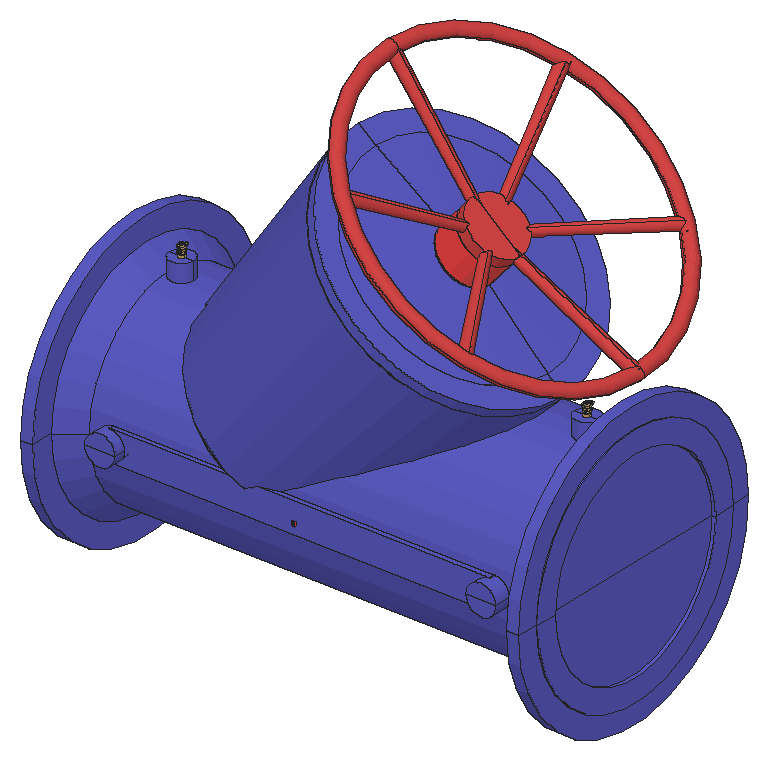
Revit family "Strangregulierventil für Differenzdruckmessung, Schrägsitzform 4218 GF PN16", category Rohrzubehör, Revit 2020
Family settings
  Bemaßung runder Anschluss = Durchmesser verwenden
  Teiletyp = Unterbricht
  OmniClass-Nummer = 23.65.55.14
  OmniClass-Titel = Valves for Liquid Services
  Arbeitsebenenbasiert = Nein
  Immer vertikal = Ja
  Beim Laden mit Abzugskörper schneiden = Nein
  Gemeinsam genutzt = Nein
Parameters
  kvs-Wert [instance] = if(Nennweite = 350.00 mm, 2917.6, if(Nennweite = 400.00 mm, 3854.8, if(Nennweite = 500.00 mm, 5250.6, 0)))  # 5250.6
  Zählvorrichtung = "Kunststoffmaterial"  # constant formula
  W02 = 60.00°  # constant formula
  W01 = 50.00°  # constant formula
  Vorgabe-Ansicht = 0.00 mm
  Ventilkegel = "Sphäroguss EN-GJS-400-15 gem. EN 1561/EPDM beschichtet"  # constant formula
  S01 [instance] = Nennweite + 10.00 mm  # 510.00 mm
  Regulierspindel = "Edelstahl"  # constant formula
  Oberteil = "Sphäroguss EN-GJS-400-15"  # constant formula
  O-Ringe = "EPDM"  # constant formula
  L04 [instance] = size_lookup("4218_GF_16_", "L4", 1.00 mm, Nennweite)  # 255.00 mm
  H11 = 85.00 mm  # constant formula
  H10 [instance] = H07 + H03  # 720.30 mm
  H08 = 47.00 mm  # constant formula
  H07 = 50.00 mm  # constant formula
  H06 = 27.00 mm  # constant formula
  H05 [instance] = H04 + 25.00 mm  # 605.00 mm
  H04 [instance] = size_lookup("4218_GF_16_", "H4", 1.00 mm, Nennweite)  # 580.00 mm
  H03 [instance] = size_lookup("4218_GF_16_", "H3", 1.00 mm, Nennweite)  # 670.30 mm
  Gewicht [instance] = if(Nennweite = 350.00 mm, "536.0 kg", if(Nennweite = 400.00 mm, "547.0 kg", if(Nennweite = 500.00 mm, "968.0 kg", "0")))  # "968.0 kg"
  Gehäuse = "Sphäroguss EN-GJS-400-15"  # constant formula
  URL = "www.herz-armaturen.at"
  SCRNSEQ = "ARM;ARM_TYP=\"STRV\";2"
  SCRNCODE = "05;07;02"  # constant formula
  R02 [instance] = size_lookup("4218_GF_16_", "R2", 1.00 mm, Nennweite)  # 30.00 mm
  R01 [instance] = size_lookup("4218_GF_16_", "R1", 1.00 mm, Nennweite)  # 37.50 mm
  Spindel = "Edelstahl"  # constant formula
  Nennweite [instance] = 500.00 mm
  Medium = "Heizwasserqualität entsprechend ÖNORM H 5195 bzw. VDI Richtlinie 2035.\r\nEthylen und Propylenglykol können in einem Verhältnis von 25-50 vol. [%] gemischt werden."
  Max. Betriebstemperatur = 110 °C  # constant formula
  Min. Betriebstemperatur = -10 °C  # constant formula
  Max. Betriebsdruck = 1600000.0 Pa  # constant formula
  L03 [instance] = size_lookup("4218_GF_16_", "L3", 1.00 mm, Nennweite)  # 505.00 mm
  L02 [instance] = size_lookup("4218_GF_16_", "L2", 1.00 mm, Nennweite)  # 475.00 mm
  L01 [instance] = size_lookup("4218_GF_16_", "L1", 1.00 mm, Nennweite)  # 533.50 mm
  L00 [instance] = size_lookup("4218_GF_16_", "L", 1.00 mm, Nennweite)  # 1250.00 mm
  Hersteller = "HERZ Armaturen Ges.m.b.H."  # constant formula
  H09 [instance] = H03  # 670.30 mm
  H02 [instance] = size_lookup("4218_GF_16_", "H2", 1.00 mm, Nennweite)  # 295.00 mm
  H01 [instance] = size_lookup("4218_GF_16_", "H1", 1.00 mm, Nennweite)  # 292.00 mm
  GT = 10.00 mm  # constant formula
  FLL02 [instance] = size_lookup("4218_GF_16_", "FLL2", 1.00 mm, Nennweite)  # 30.00 mm
  FLL01 [instance] = size_lookup("4218_GF_16_", "FLL1", 1.00 mm, Nennweite)  # 4.00 mm
  FLD03 [instance] = size_lookup("4218_GF_16_", "FLD3", 1.00 mm, Nennweite)  # 254.00 mm
  FLD02 [instance] = size_lookup("4218_GF_16_", "FLD2", 1.00 mm, Nennweite)  # 300.00 mm
  FLD01 [instance] = size_lookup("4218_GF_16_", "FLD1", 1.00 mm, Nennweite)  # 305.00 mm
  FLD00 [instance] = size_lookup("4218_GF_16_", "FLD", 1.00 mm, Nennweite)  # 357.50 mm
  Differenzdruckmessung = "Das STRÖMAX GF Strangregulierventil ist mit zwei Messventilen ausgestattet:\r\nSo ist es möglich, den Differenzdruck mit geeigneten Messgeräten zu messen und die Durchflussmenge entsprechend zu bestimmen."
  DN500 [instance] = Nennweite = 500.00 mm  # yes
  DN400 [instance] = Nennweite = 400.00 mm  # no
  DN350 [instance] = Nennweite = 350.00 mm  # no
  D05 = 75.00 mm  # constant formula
  D04 [instance] = size_lookup("4218_GF_16_", "D4", 1.00 mm, Nennweite)  # 54.00 mm
  D03 [instance] = size_lookup("4218_GF_16_", "D3", 1.00 mm, Nennweite)  # 275.00 mm
  D02 [instance] = D03 - 20.00 mm  # 255.00 mm
  D01 [instance] = size_lookup("4218_GF_16_", "D1", 1.00 mm, Nennweite)  # 334.00 mm
  D00 [instance] = size_lookup("4218_GF_16_", "D", 1.00 mm, Nennweite)  # 278.00 mm
  Bestellnummer [instance] = size_lookup("4218_GF_16_", "Artnr", 0, Nennweite)  # 1421892
  BH02 [instance] = -BH01  # -37.50 mm
  BH01 [instance] = size_lookup("4218_GF_16_", "BH1", 1.00 mm, Nennweite)  # 37.50 mm
  Ausführung = "STRÖMAX-GF-Strangregulierventil mit Messventilen, DN 350-500, Gehäuse Sphäroguss GJS 400-15 gem EN 1561, Flansch gem. EN 1092, PN 16, blaue Emaillierung.\r\nVentiloberteil Sphäroguss GJS 400-15, mit nicht steigen\u0002der Spindel, Spindelabdichtung mittels Dreifach-O-Ring.\r\nVoreinstellschritte werden digital angezeigt."
  Anwendungen = "Zum hydraulischen Abgleich in Heiz- oder Kühlsystemen zum Trennen von Sammelleitungen, Steigleitungen, Wärmetauschern, Heiz- und Kühlregistern."
  Anschluss [instance] = Nennweite / 2  # 250.00 mm
Reference planes
  plane 1 "Mitte (Vorne/hinten)": y = 0
  plane 2: z = 0
  plane 3 "Mitte (Links/rechts)": x = 0
Forms (mm)
  Revolve 1, solid, material "Herz-Marineblau", detail levels fine
    sketch origin (1058.943, 0, 0) x (1, 0, 0) y (0, 1, 0)
      loop
        line (-1679.943, 357.5) -> (-1679.943, 305) -> (-1683.943, 305) -> (-1683.943, 250) -> (-1673.943, 250) -> (-1673.943, 0) -> (-443.943, 0) -> (-443.943, 250) -> (-433.943, 250) -> (-433.943, 305) -> (-437.943, 305) -> (-437.943, 357.5) -> (-467.943, 357.5) -> (-467.943, 300) -> (-525.443, 254)
        arc (-525.443, 254) -> (-1058.943, 278) -> (-1592.443, 254) r 5941.63
        line (-1592.443, 254) -> (-1649.943, 300) -> (-1649.943, 357.5) -> (-1679.943, 357.5)
      axis (-1683.943, 0) -> (-433.943, 0)
    angle from 0 to 360
  Revolve 2, solid, material "Herz-Marineblau", detail levels fine
    sketch origin (0, 0, 0) x (1, 0, 0) y (0, 1, 0)
      loop
        line (-475, 292) -> (-512.5, 292) -> (-512.5, -292) -> (-475, -292) -> (-475, 292)
      axis (-475, 292) -> (-475, -292)
    angle from 0 to 360
  Revolve 3, solid, material "Herz-Marineblau", detail levels fine
    sketch origin (0, 0, 0) x (-1, 0, 0) y (0, 1, 0)
      loop
        line (-475, 292) -> (-512.5, 292) -> (-512.5, -292) -> (-475, -292) -> (-475, 292)
      axis (-475, 292) -> (-475, -292)
    angle from 0 to 360
  Revolve 4, solid, material "Herz-Marineblau", detail levels fine
    sketch origin (0, 0, 0) x (1, 0, 0) y (0, 0, 1)
      loop
        line (-505, 0) -> (-505, 295) -> (-535, 295) -> (-535, 0) -> (-505, 0)
      axis (-505, 295) -> (-505, 0)
    angle from 0 to 360
  Revolve 5, solid, material "Herz-Marineblau", detail levels fine
    sketch origin (0, 0, 0) x (-1, 0, 0) y (0, 0, 1)
      loop
        line (-505, 0) -> (-505, 295) -> (-535, 295) -> (-535, 0) -> (-505, 0)
      axis (-505, 295) -> (-505, 0)
    angle from 0 to 360
  Extrusion 6, solid, material "Herz-Marineblau", visible <- "DN500", detail levels fine
    sketch origin (0, 0, 0) x (1, 0, 0) y (0, 1, 0)
      loop
        arc (-475, -263.998) -> (0, -282.994) -> (475, -263.998) r 5948.094
        line (475, -263.998) -> (475, 263.998)
        arc (475, 263.998) -> (0, 282.994) -> (-475, 263.998) r 5948.094
        line (-475, 263.998) -> (-475, -263.998)
    from -37.5 <- "BH02" to 37.5 <- "BH01"
  Extrusion 7, solid, material "Herz-Marineblau", visible <- "DN400", detail levels fine
    sketch origin (0, 0, 0) x (1, 0, 0) y (0, 1, 0)
      loop
        arc (-410, -209.712) -> (0, -223.005) -> (410, -209.712) r 6329.849
        line (410, -209.712) -> (410, 209.712)
        arc (410, 209.712) -> (0, 223.005) -> (-410, 209.712) r 6329.849
        line (-410, 209.712) -> (-410, -209.712)
    from -37.5 <- "BH02" to 37.5 <- "BH01"
  Extrusion 8, solid, material "Herz-Marineblau", visible <- "DN350", detail levels fine
    sketch origin (0, 0, 0) x (1, 0, 0) y (0, 1, 0)
      loop
        arc (-390, -185.916) -> (0, -255.071) -> (390, -185.916) r 1134.286
        line (390, -185.916) -> (390, 185.916)
        arc (390, 185.916) -> (0, 255.071) -> (-390, 185.916) r 1134.286
        line (-390, 185.916) -> (-390, -185.916)
    from -37.5 <- "BH02" to 37.5 <- "BH01"
  Revolve 9, solid, material "Herz-Marineblau", detail levels fine
    sketch origin (0, 0, 0) x (1, 0, 0) y (0, 0, 1)
      loop
        line (-255, 0) -> (175.861, 513.48) -> (-79.998, 728.171) -> (-407.619, 245.94) -> (-408.367, 213.934) -> (-255, 0)
      axis (-255, 0) -> (175.861, 513.48)
    angle from 0 to 360
  Revolve 10, solid, material "Herz-Marineblau", detail levels fine
    sketch origin (0, 0, 0) x (1, 0, 0) y (0, 0, 1)
      loop
        line (175.861, 513.48) -> (208, 551.782) -> (150.547, 599.991) -> (148.618, 597.693)
        arc (148.618, 597.693) -> (66.389, 659.883) -> (-21.277, 714.143) r 1105.603
        line (-21.277, 714.143) -> (-62.643, 748.854) -> (-79.998, 728.171) -> (175.861, 513.48)
      axis (208, 551.782) -> (175.861, 513.48)
    angle from 0 to 360
  Revolve 11, solid, material "Kunsstoff rot", detail levels fine
    sketch origin (0, 0, 0) x (1, 0, 0) y (0, 0, 1)
      loop
        line (208, 551.782) -> (262.637, 616.896) -> (205.184, 665.105) -> (150.547, 599.991) -> (208, 551.782)
      axis (262.637, 616.896) -> (208, 551.782)
    angle from 0 to 360
Lines and regions (mm)
  model lines, detail levels coarse+medium
    curve 1: line (-625, 0, 357.5) -> (-625, 0, -357.5)
    curve 2: line (-625, 0, -357.5) -> (625, 0, 357.5)
    curve 3: line (625, 0, 357.5) -> (625, 0, -357.5)
    curve 4: line (625, 0, -357.5) -> (-625, 0, 357.5)
    curve 5: line (0, 0, 0) -> (386.998, 0, 670.3)
    curve 6: line (166.161, 0, 797.8) -> (607.834, 0, 542.8)
    curve 7: line (-625, 357.5, 0) -> (-625, -357.5, 0)
    curve 8: line (-625, -357.5, 0) -> (625, 357.5, 0)
    curve 9: line (625, 357.5, 0) -> (625, -357.5, 0)
    curve 10: line (625, -357.5, 0) -> (-625, 357.5, 0)
    curve 11: line (0, 0, 0) -> (386.998, 670.3, 0)
    curve 12: line (166.161, 797.8, 0) -> (607.834, 542.8, 0)
Dimensions and locks
  "FLD00": plane 1 "Mitte (Vorne/hinten)" to Revolve 1 sketch curve
  "FLD01": plane 1 "Mitte (Vorne/hinten)" to Revolve 1 sketch curve
  "FLD02": plane 1 "Mitte (Vorne/hinten)" to Revolve 1 sketch curve  (x2)
  "FLD03": plane 1 "Mitte (Vorne/hinten)" to Revolve 1 sketch curve  (x2)
  "GT": Revolve 1 sketch curve to Revolve 1 sketch curve  (x2)
  "FLL01": Revolve 1 sketch curve to Revolve 1 sketch curve  (x2)
  "FLL02": Revolve 1 sketch curve to Revolve 1 sketch curve  (x2)
  equal spacing: Revolve 1 sketch curve, plane 3 "Mitte (Links/rechts)", Revolve 1 sketch curve
  "Anschluss": Revolve 1 sketch curve to plane 1 "Mitte (Vorne/hinten)"
  "Anschluss": plane 1 "Mitte (Vorne/hinten)" to Revolve 1 sketch curve
  "FLD01": Revolve 1 sketch curve to plane 1 "Mitte (Vorne/hinten)"
  "FLD00": Revolve 1 sketch curve to plane 1 "Mitte (Vorne/hinten)"
  "L00": Revolve 1 sketch curve to Revolve 1 sketch curve
  "D00": plane 1 "Mitte (Vorne/hinten)" to Revolve 1 sketch curve
  "L01": Revolve 1 sketch curve to plane 3 "Mitte (Links/rechts)" to Revolve 1 sketch curve
  "L02": Revolve 2 sketch curve to plane 3 "Mitte (Links/rechts)"
  "R01": Revolve 2 sketch curve to Revolve 2 sketch curve
  "H01": Revolve 2 sketch curve to plane 1 "Mitte (Vorne/hinten)" to Revolve 2 sketch curve
  "L02": plane 3 "Mitte (Links/rechts)" to Revolve 3 sketch curve
  "R01": Revolve 3 sketch curve to Revolve 3 sketch curve
  "H01": Revolve 3 sketch curve to plane 1 "Mitte (Vorne/hinten)" to Revolve 3 sketch curve
  "L03": plane 3 "Mitte (Links/rechts)" to Revolve 4 sketch curve
  "R02": Revolve 4 sketch curve to Revolve 4 sketch curve
  "H02": Revolve 4 sketch curve to plane 2
  "R02": Revolve 5 sketch curve to Revolve 5 sketch curve
  "L03": Revolve 5 sketch curve to plane 3 "Mitte (Links/rechts)"
  "H02": Revolve 5 sketch curve to plane 2
  "L03": plane 3 "Mitte (Links/rechts)" to nested 1
  "L03": nested 2 to plane 3 "Mitte (Links/rechts)"
  "H02": nested 1 to plane 2
  "H02": nested 2 to plane 2
  "FLD00": curve 4 to plane 2 to curve 2
  "FLD00": curve 3 to plane 2 to curve 4
  equal spacing: curve 1, plane 3 "Mitte (Links/rechts)", curve 3
  "L00": curve 1 to curve 3
  "H09": curve 5 to plane 2
  equal spacing: curve 1, curve 5, curve 3
  equal spacing: curve 6, curve 5, curve 6
  "S01": curve 6 to curve 6
  "FLD00": curve 8 to plane 1 "Mitte (Vorne/hinten)" to curve 10
  "FLD00": curve 10 to plane 1 "Mitte (Vorne/hinten)" to curve 9
  equal spacing: curve 7, plane 3 "Mitte (Links/rechts)", curve 9
  "L00": curve 7 to curve 9
  equal spacing: curve 7, curve 11, curve 9
  "H09": plane 1 "Mitte (Vorne/hinten)" to curve 11
  equal spacing: curve 12, curve 11, curve 12
  "S01": curve 12 to curve 12
  "L04": plane 3 "Mitte (Links/rechts)" to Revolve 9 sketch curve  (x2)
  "H03": Revolve 9 sketch curve to Revolve 9 sketch curve
  "D02": Revolve 9 sketch curve to Revolve 9 sketch curve
  "H05": Revolve 9 sketch curve to Revolve 9 sketch curve
  "H04": Revolve 9 sketch curve to Revolve 9 sketch curve
  "D03": Revolve 9 sketch curve to Revolve 9 sketch curve
  "H03": Revolve 10 sketch curve to Revolve 10 sketch curve
  "D01": Revolve 10 sketch curve to Revolve 10 sketch curve  (x2)
  "D04": Revolve 10 sketch curve to Revolve 10 sketch curve
  "D05": Revolve 10 sketch curve to Revolve 10 sketch curve
  "H06": Revolve 9 to Revolve 10 sketch curve
  "H07": Revolve 9 to Revolve 10 sketch curve
  "H08": Revolve 9 to Revolve 10 sketch curve
  "L04": plane 3 "Mitte (Links/rechts)" to Revolve 10 sketch curve
  "D01": Revolve 9 sketch curve to Revolve 9 sketch curve
  "L04": plane 3 "Mitte (Links/rechts)" to Revolve 11 sketch curve
  "H11": Revolve 10 to Revolve 11 sketch curve
  "D05": Revolve 11 sketch curve to Revolve 11 sketch curve  (x2)
  "H10": Revolve 11 sketch curve to Revolve 11 sketch curve
  "W02": angle plane 2 to curve 5
  "W02": angle plane 1 "Mitte (Vorne/hinten)" to curve 11
  "W01": angle plane 2 to Revolve 9 sketch curve  (x2)
  "W01": angle plane 2 to Revolve 10 sketch curve  (x2)
  "W01": angle plane 2 to Revolve 11 sketch curve  (x2)
  aligned and locked: level to plane 2
Automatic sketch dimensions
  Extrusion 6 sketch curve to plane 3 "Mitte (Links/rechts)" = 0.00 mm  (x2)
  plane 1 "Mitte (Vorne/hinten)" to Extrusion 6 sketch curve = 263.998 mm
  Extrusion 6 sketch curve to plane 3 "Mitte (Links/rechts)" = 475.00 mm
  Extrusion 6 sketch curve to Extrusion 6 sketch curve = 5401.102 mm
  Extrusion 6 sketch curve to plane 1 "Mitte (Vorne/hinten)" = 5665.10 mm
  Extrusion 6 sketch curve to plane 1 "Mitte (Vorne/hinten)" = 263.998 mm  (x2)
  Extrusion 7 sketch curve to plane 3 "Mitte (Links/rechts)" = 0.00 mm  (x2)
  plane 1 "Mitte (Vorne/hinten)" to Extrusion 7 sketch curve = 209.712 mm  (x2)
  Extrusion 7 sketch curve to plane 3 "Mitte (Links/rechts)" = 410.00 mm
  Extrusion 7 sketch curve to Extrusion 7 sketch curve = 5897.131 mm
  Extrusion 7 sketch curve to plane 1 "Mitte (Vorne/hinten)" = 6106.844 mm
  Extrusion 7 sketch curve to plane 1 "Mitte (Vorne/hinten)" = 209.712 mm
  Extrusion 8 sketch curve to plane 3 "Mitte (Links/rechts)" = 0.00 mm  (x2)
  plane 1 "Mitte (Vorne/hinten)" to Extrusion 8 sketch curve = 185.916 mm
  Extrusion 8 sketch curve to plane 3 "Mitte (Links/rechts)" = 390.00 mm
  Extrusion 8 sketch curve to Extrusion 8 sketch curve = 693.298 mm
  Extrusion 8 sketch curve to plane 1 "Mitte (Vorne/hinten)" = 879.214 mm
  Extrusion 8 sketch curve to plane 1 "Mitte (Vorne/hinten)" = 185.916 mm  (x2)
  plane 1 "Mitte (Vorne/hinten)" to Revolve 1 sketch curve = 0.00 mm  (x2)
  Revolve 1 sketch curve to Revolve 1 sketch curve = 35.00 mm
  Revolve 1 sketch curve to Revolve 1 sketch curve = 40.00 mm
  Revolve 2 sketch curve to Revolve 2 sketch curve = 0.00 mm  (x3)
  Revolve 3 sketch curve to Revolve 3 sketch curve = 0.00 mm  (x3)
  Revolve 4 sketch curve to level = 0.00 mm  (x2)
  Revolve 4 sketch curve to Revolve 4 sketch curve = 0.00 mm  (x2)
  Revolve 5 sketch curve to level = 0.00 mm  (x2)
  Revolve 5 sketch curve to Revolve 5 sketch curve = 0.00 mm  (x2)
  Revolve 9 sketch curve to level = 0.00 mm  (x2)
  Revolve 10 sketch curve to level = 0.00 mm
  Revolve 10 sketch curve to level = 252.062 mm
  Revolve 11 sketch curve to level = 0.00 mm
Nested families
  nested 1: "Messstutzen_Band_Eintritt_senkrecht_(oben)" at (-505, 0, 286), type "Messstutzen_Band_Eintritt_senkrecht_(oben)", detail levels fine
    with Schutzkappe yes, Nennweite 0.00 mm, Gewicht 0.00 kg, Bestellnummer 0
  nested 2: "Messstutzen_Band_Austritt_senkrecht_(oben)" at (505, 0, 286), type "Messstutzen_Band_Austritt_senkrecht_(oben)", detail levels fine
    with Schutzkappe yes, Nennweite 0.00 mm, Gewicht 0.00 kg, Bestellnummer 0
  nested 3: "Herz-Logo-vorne" at (0, -282.994, 0) x (0, 1, 0) z (0, 0, 1), visible <- "DN500", type "Herz-Logo-vorne", detail levels fine
  nested 4: "Herz-Logo-vorne" at (0, -221.503, 0) x (0, 1, 0) z (0, 0, 1), visible <- "DN400", type "Herz-Logo-vorne", detail levels fine
  nested 5: "Herz-Logo-vorne" at (0, -255.053, 0) x (0, 1, 0) z (0, 0, 1), visible <- "DN350", type "Herz-Logo-vorne", detail levels fine
  nested 6: "Strangregulierventil-Handrad_VOLL-Schräg (Rot) DN350-DN400" at (211.704, 0, 501.376), visible <- "DN350", type "Strangregulierventil-Handrad_VOLL-Schräg (Rot) DN350-DN400"
    with DN300 yes
  nested 7: "Strangregulierventil-Handrad_VOLL-Schräg (Rot) DN350-DN400" at (230.272, 0, 547.339), visible <- "DN400", type "Strangregulierventil-Handrad_VOLL-Schräg (Rot) DN350-DN400"
    with DN300 yes
  nested 8: "Strangregulierventil-Handrad_VOLL-Schräg (Rot) DN500" at (262.637, 0, 616.896), visible <- "DN500", type "Strangregulierventil-Handrad_VOLL-Schräg (Rot) DN500", detail levels fine
    with DN300 yes
Connectors
  piping at (-625, 0, 0), diameter 500, driven by "Nennweite"
    settings: on Revolve 1, index 1, connector inside diameter 609.6 mm, connector length 0.00 mm, flow factor 0, pipe flow 0.0 L/s, pressure drop 0.0 Pa, fitting loss kfactor 0, connector angle 0.00°, fixture units 0, engagement length 0.00 mm, angle of deflection 0.00°, flow configuration 0, flow direction 1, fitting loss method 0, system type 29, joint type 0, gender type 0, connector reference index -1, connector utility 0, adjustable connector no, is connector primary yes, connector description ""
  piping at (625, 0, 0), diameter 500, driven by "Nennweite"
    settings: on Revolve 1, index 2, connector inside diameter 609.6 mm, connector length 0.00 mm, flow factor 0, pipe flow 0.0 L/s, pressure drop 0.0 Pa, fitting loss kfactor 0, connector angle 0.00°, fixture units 0, engagement length 0.00 mm, angle of deflection 0.00°, flow configuration 0, flow direction 2, fitting loss method 0, system type 29, joint type 0, gender type 0, connector reference index -1, connector utility 0, adjustable connector no, is connector primary no, connector description ""
Definition of nested family "Messstutzen_Band_Eintritt_senkrecht_(oben)"
  Parameters (values of type "Messstutzen_Band_Eintritt_senkrecht_(oben)")
    Default Elevation = 0.00 mm
    URL = "www.herz-armaturen.at"
    Schutzkappe [instance] = yes
    Nennweite [instance] = 0.00 mm
    Manufacturer = "Herz Armaturen GmbH"  # constant formula
    Gewicht [instance] = 0.00 kg
    Bestellnummer [instance] = 0
  Reference planes
    plane 1 "Mitte (Vorne/hinten)": y = 0
    plane 2: z = 0
    plane 3 "Mitte (Links/rechts)": x = 0
    plane 4 "Schlaufe 1": z = -27
    plane 5 "Schlaufe 2": z = -31.678
  Forms (mm)
    Revolve 1, solid, detail levels fine
      sketch origin (0, 0, 0) x (1, 0, 0) y (0, 0, 1)
        loop
          line (-7.4, 9) -> (-5.55, 9) -> (-5.55, 6)
          arc (-5.55, 6) -> (-5.626, 5.617) -> (-5.843, 5.293) r 1
          line (-5.843, 5.293) -> (-6.455, 4.681) -> (-6.455, 0.9) -> (-5.555, 0) -> (-2, 0) -> (-2, 17.5) -> (-8.4, 17.5)
          arc (-8.4, 17.5) -> (-7.693, 17.207) -> (-7.4, 16.5) r 1
          line (-7.4, 16.5) -> (-7.4, 9)
        loop
          line (-3.7, 27) -> (-7.3, 27) -> (-7.9, 26.4) -> (-7.9, 23) -> (-2, 23) -> (-2, 35.8) -> (-3.805, 35.8) -> (-4.415, 35.19) -> (-4.415, 30.863) -> (-3.7, 30.45) -> (-3.7, 27)
        axis (0, 0) -> (0, 35.8)
      angle from 0 to 360
    Extrusion 2, solid, detail levels fine
      sketch origin (0, 0, 17.5) x (0, 1, 0) y (-1, 0, 0)
        loop
          arc (-7.07, 5.156) -> (-7.578, 4.375) -> (-8, 3.544) r 8.75
          line (-8, 3.544) -> (-8, -3.544)
          arc (-8, -3.544) -> (-7.578, -4.375) -> (-7.07, -5.156) r 8.75
          line (-7.07, -5.156) -> (-0.93, -8.7)
          arc (-0.93, -8.7) -> (0, -8.75) -> (0.93, -8.7) r 8.75
          line (0.93, -8.7) -> (7.07, -5.156)
          arc (7.07, -5.156) -> (7.578, -4.375) -> (8, -3.544) r 8.75
          line (8, -3.544) -> (8, 3.544)
          arc (8, 3.544) -> (7.578, 4.375) -> (7.07, 5.156) r 8.75
          line (7.07, 5.156) -> (0.93, 8.7)
          arc (0.93, 8.7) -> (0, 8.75) -> (-0.93, 8.7) r 8.75
          line (-0.93, 8.7) -> (-7.07, 5.156)
      from 0 to 5.5
    Revolve 3, solid, visible <- "Schutzkappe", detail levels fine
      sketch origin (0, 0, 0) x (1, 0, 0) y (0, 0, 1)
        loop
          line (0, 35.878) -> (0, 36.678) -> (-7, 36.678) -> (-7, 33.378) -> (-6.1, 33.378) -> (-6.1, 31.678) -> (-6.9, 31.678) -> (-6.9, 30.178) -> (-4.415, 30.178) -> (-4.415, 35.268) -> (-3.805, 35.878) -> (0, 35.878)
        axis (0, 30.178) -> (0, 36.678)
      angle from 0 to 360
    Extrusion 4, solid, detail levels fine
      sketch origin (0, 0, 28.5) x (1, 0, 0) y (0, 1, 0)
        loop
          circle (0, 0) r 3.7
        loop
          arc (-3.906, 5.505) -> (0, -6.75) -> (3.906, 5.505) r 6.75
          arc (3.906, 5.505) -> (2.358, 7.288) -> (1.8, 9.582) r 5
          line (1.8, 9.582) -> (-1.8, 9.582)
          arc (-1.8, 9.582) -> (-2.358, 7.288) -> (-3.906, 5.505) r 5
      from 0 to -1.5
    Extrusion 5, solid, detail levels fine
      sketch origin (0, 0, 33.178) x (1, 0, 0) y (0, 1, 0)
        loop
          circle (0, 0) r 6.1
        loop
          arc (-4.495, 8.652) -> (0, -9.75) -> (4.495, 8.652) r 9.75
          arc (4.495, 8.652) -> (2.527, 10.493) -> (1.8, 13.089) r 5
          line (1.8, 13.089) -> (-1.8, 13.089)
          arc (-1.8, 13.089) -> (-2.527, 10.493) -> (-4.495, 8.652) r 5
      from 0 to -1.5
    Sweep 6, solid, detail levels fine
      path origin (0, 0, 0) x (0, 0, -1) y (0, -1, 0)
        loop
          line (-27.75, -9.582) -> (-27.75, -14.522)
          arc (-27.75, -14.522) -> (-30.089, -16.862) -> (-32.428, -14.522) r 2.339
          line (-32.428, -14.522) -> (-32.428, -13.089)
      profile origin (0, 12.052, 27.75) x (0, 0, 1) y (1, 0, 0)
        loop
          line (-0.75, -1.8) -> (0.75, -1.8) -> (0.75, 1.8) -> (-0.75, 1.8) -> (-0.75, -1.8)
  Dimensions and locks
    aligned and locked: level to plane 2
Definition of nested family "Messstutzen_Band_Austritt_senkrecht_(oben)"
  Parameters (values of type "Messstutzen_Band_Austritt_senkrecht_(oben)")
    Default Elevation = 0.00 mm
    URL = "www.herz-armaturen.at"
    Schutzkappe [instance] = yes
    Nennweite [instance] = 0.00 mm
    Manufacturer = "Herz Armaturen GmbH"  # constant formula
    Gewicht [instance] = 0.00 kg
    Bestellnummer [instance] = 0
  Reference planes
    plane 1 "Mitte (Vorne/hinten)": y = 0
    plane 2: z = 0
    plane 3 "Mitte (Links/rechts)": x = 0
    plane 4 "Schlaufe 1": z = -27
    plane 5 "Schlaufe 2": z = -31.678
  Forms (mm)
    Revolve 1, solid, detail levels fine
      sketch origin (0, 0, 0) x (1, 0, 0) y (0, 0, 1)
        loop
          line (-7.4, 9) -> (-5.55, 9) -> (-5.55, 6)
          arc (-5.55, 6) -> (-5.626, 5.617) -> (-5.843, 5.293) r 1
          line (-5.843, 5.293) -> (-6.455, 4.681) -> (-6.455, 0.9) -> (-5.555, 0) -> (-2, 0) -> (-2, 17.5) -> (-8.4, 17.5)
          arc (-8.4, 17.5) -> (-7.693, 17.207) -> (-7.4, 16.5) r 1
          line (-7.4, 16.5) -> (-7.4, 9)
        loop
          line (-3.7, 27) -> (-7.3, 27) -> (-7.9, 26.4) -> (-7.9, 23) -> (-2, 23) -> (-2, 35.8) -> (-3.805, 35.8) -> (-4.415, 35.19) -> (-4.415, 30.863) -> (-3.7, 30.45) -> (-3.7, 27)
        axis (0, 0) -> (0, 35.8)
      angle from 0 to 360
    Extrusion 2, solid, detail levels fine
      sketch origin (0, 0, 17.5) x (0, 1, 0) y (-1, 0, 0)
        loop
          arc (-7.07, 5.156) -> (-7.578, 4.375) -> (-8, 3.544) r 8.75
          line (-8, 3.544) -> (-8, -3.544)
          arc (-8, -3.544) -> (-7.578, -4.375) -> (-7.07, -5.156) r 8.75
          line (-7.07, -5.156) -> (-0.93, -8.7)
          arc (-0.93, -8.7) -> (0, -8.75) -> (0.93, -8.7) r 8.75
          line (0.93, -8.7) -> (7.07, -5.156)
          arc (7.07, -5.156) -> (7.578, -4.375) -> (8, -3.544) r 8.75
          line (8, -3.544) -> (8, 3.544)
          arc (8, 3.544) -> (7.578, 4.375) -> (7.07, 5.156) r 8.75
          line (7.07, 5.156) -> (0.93, 8.7)
          arc (0.93, 8.7) -> (0, 8.75) -> (-0.93, 8.7) r 8.75
          line (-0.93, 8.7) -> (-7.07, 5.156)
      from 0 to 5.5
    Revolve 3, solid, visible <- "Schutzkappe", detail levels fine
      sketch origin (0, 0, 0) x (1, 0, 0) y (0, 0, 1)
        loop
          line (0, 35.878) -> (0, 36.678) -> (-7, 36.678) -> (-7, 33.378) -> (-6.1, 33.378) -> (-6.1, 31.678) -> (-6.9, 31.678) -> (-6.9, 30.178) -> (-4.415, 30.178) -> (-4.415, 35.268) -> (-3.805, 35.878) -> (0, 35.878)
        axis (0, 30.178) -> (0, 36.678)
      angle from 0 to 360
    Extrusion 4, solid, detail levels fine
      sketch origin (0, 0, 28.5) x (1, 0, 0) y (0, 1, 0)
        loop
          circle (0, 0) r 3.7
        loop
          arc (-3.906, 5.505) -> (0, -6.75) -> (3.906, 5.505) r 6.75
          arc (3.906, 5.505) -> (2.358, 7.288) -> (1.8, 9.582) r 5
          line (1.8, 9.582) -> (-1.8, 9.582)
          arc (-1.8, 9.582) -> (-2.358, 7.288) -> (-3.906, 5.505) r 5
      from 0 to -1.5
    Extrusion 5, solid, detail levels fine
      sketch origin (0, 0, 33.178) x (1, 0, 0) y (0, 1, 0)
        loop
          circle (0, 0) r 6.1
        loop
          arc (-4.495, 8.652) -> (0, -9.75) -> (4.495, 8.652) r 9.75
          arc (4.495, 8.652) -> (2.527, 10.493) -> (1.8, 13.089) r 5
          line (1.8, 13.089) -> (-1.8, 13.089)
          arc (-1.8, 13.089) -> (-2.527, 10.493) -> (-4.495, 8.652) r 5
      from 0 to -1.5
    Sweep 6, solid, detail levels fine
      path origin (0, 0, 0) x (0, 0, -1) y (0, -1, 0)
        loop
          line (-27.75, -9.582) -> (-27.75, -14.522)
          arc (-27.75, -14.522) -> (-30.089, -16.862) -> (-32.428, -14.522) r 2.339
          line (-32.428, -14.522) -> (-32.428, -13.089)
      profile origin (0, 12.052, 27.75) x (0, 0, 1) y (1, 0, 0)
        loop
          line (-0.75, -1.8) -> (0.75, -1.8) -> (0.75, 1.8) -> (-0.75, 1.8) -> (-0.75, -1.8)
  Dimensions and locks
    aligned and locked: level to plane 2
Definition of nested family "Herz-Logo-vorne"
  Parameters (values of type "Herz-Logo-vorne")
    Default Elevation = 0.00 mm
  Reference planes
    plane 1 "Mitte (Vorne/hinten)": y = 0
    plane 2: z = 0
    plane 3 "Mitte (Links/rechts)": x = 0
  Forms (mm)
    Extrusion 1, solid
      sketch origin (0.732, -0.018, 0.017) x (0, -1, 0) y (0, 0, 1)
        loop
          line (-0.018, -4.517) -> (4.482, -4.517) -> (4.482, 4.483) -> (-4.518, 4.483) -> (-4.518, -4.517) -> (-0.018, -4.517)
        loop
          line (-0.05, -3.48) -> (3.482, -3.48) -> (3.482, 3.483) -> (-3.518, 3.483) -> (-3.518, -3.48) -> (-0.05, -3.48)
        loop
          arc (-0.018, 2.383) -> (-1.543, 3.287) -> (-3.067, 2.383) r 1.738
          arc (-3.067, 2.383) -> (-3.191, 1.899) -> (-3.067, 1.415) r 1.009
          line (-3.067, 1.415) -> (-0.018, -3.281) -> (3.032, 1.415)
          arc (3.032, 1.415) -> (3.156, 1.899) -> (3.032, 2.383) r 1.009
          arc (3.032, 2.383) -> (1.507, 3.287) -> (-0.018, 2.383) r 1.738
        loop
          arc (1.885, 1.272) -> (2.005, 1.675) -> (1.885, 2.079) r 0.74
          arc (1.885, 2.079) -> (1.265, 2.416) -> (0.644, 2.079) r 0.74
          line (0.644, 2.079) -> (-0.018, 0.97) -> (-0.679, 2.079)
          arc (-0.679, 2.079) -> (-1.3, 2.416) -> (-1.921, 2.079) r 0.74
          arc (-1.921, 2.079) -> (-2.04, 1.675) -> (-1.921, 1.272) r 0.74
          line (-1.921, 1.272) -> (-0.018, -1.658) -> (1.885, 1.272)
      from 0 to 1.5
  Dimensions and locks
    aligned and locked: level to plane 2
Definition of nested family "Strangregulierventil-Handrad_VOLL-Schräg (Rot) DN350-DN400"
  Parameters (values of type "Strangregulierventil-Handrad_VOLL-Schräg (Rot) DN350-DN400")
    Default Elevation = 0.00 mm
    DN300 [instance] = yes
  Reference planes
    plane 1 "Mitte (Vorne/hinten)": y = 0
    plane 2: z = 0
    plane 3 "Mitte (Links/rechts)": x = 0
  Forms (mm)
    Revolve 1, solid, detail levels fine
      sketch origin (0, 0, 0) x (0.766044, 0, -0.642788) y (0.642788, 0, 0.766044)
        loop
          line (0, 0) -> (0, 30) -> (-75, 30) -> (-75, 0) -> (0, 0)
        loop
          line (-316.85, 58.85) -> (-316.85, 42.85) -> (-280.85, 42.85) -> (-280.85, 58.85)
          arc (-280.85, 58.85) -> (-298.85, 76.85) -> (-316.85, 58.85) r 18
        axis (0, 58.85) -> (0, 0)
      angle from 0 to 360
    Revolve 2, solid, detail levels fine
      sketch origin (0, 0, 0) x (0.766044, 0, -0.642788) y (0.642788, 0, 0.766044)
        loop
          line (299.245, 74.817) -> (49.107, 26.195) -> (50.831, 16.343) -> (301.153, 65.001) -> (299.245, 74.817)
        axis (50.832, 16.338) -> (301.154, 64.996)
      angle from 0 to 360
    Revolve 3, solid, detail levels fine
      sketch origin (0, 0, 0) x (0.236721, 0.951057, -0.198632) y (0.642788, 0, 0.766044)
        loop
          line (299.245, 74.817) -> (49.107, 26.195) -> (50.831, 16.343) -> (301.153, 65.001) -> (299.245, 74.817)
        axis (50.832, 16.338) -> (301.154, 64.996)
      angle from 0 to 360
    Revolve 4, solid, detail levels fine
      sketch origin (0, 0, 0) x (-0.619743, 0.587785, 0.520026) y (0.642788, 0, 0.766044)
        loop
          line (299.245, 74.817) -> (49.107, 26.195) -> (50.831, 16.343) -> (301.153, 65.001) -> (299.245, 74.817)
        axis (50.832, 16.338) -> (301.154, 64.996)
      angle from 0 to 360
    Revolve 5, solid, detail levels fine
      sketch origin (0, 0, 0) x (-0.619743, -0.587785, 0.520026) y (0.642788, 0, 0.766044)
        loop
          line (299.245, 74.817) -> (49.107, 26.195) -> (50.831, 16.343) -> (301.153, 65.001) -> (299.245, 74.817)
        axis (50.832, 16.338) -> (301.154, 64.996)
      angle from 0 to 360
    Revolve 6, solid, detail levels fine
      sketch origin (0, 0, 0) x (0.236721, -0.951057, -0.198632) y (0.642788, 0, 0.766044)
        loop
          line (299.245, 74.817) -> (49.107, 26.195) -> (50.831, 16.343) -> (301.153, 65.001) -> (299.245, 74.817)
        axis (50.832, 16.338) -> (301.154, 64.996)
      angle from 0 to 360
  Dimensions and locks
    Revolve 1 sketch curve to plane 2 = 255.179 mm
    Revolve 1 sketch curve to Revolve 1 sketch curve = 30.00 mm
    aligned and locked: level to plane 2
Definition of nested family "Strangregulierventil-Handrad_VOLL-Schräg (Rot) DN500"
  Parameters (values of type "Strangregulierventil-Handrad_VOLL-Schräg (Rot) DN500")
    Default Elevation = 0.00 mm
    DN300 [instance] = yes
  Reference planes
    plane 1 "Mitte (Vorne/hinten)": y = 0
    plane 2: z = 0
    plane 3 "Mitte (Links/rechts)": x = 0
  Forms (mm)
    Revolve 1, solid, detail levels fine
      sketch origin (0, 0, 0) x (0.766044, 0, -0.642788) y (0.642788, 0, 0.766044)
        loop
          line (0, 0) -> (0, 30) -> (-75, 30) -> (-75, 0) -> (0, 0)
        loop
          circle (-400, 94.75) r 16.85
        axis (0, 94.75) -> (0, 0)
      angle from 0 to 360
    Revolve 2, solid, detail levels fine
      sketch origin (0, 0, 0) x (0.766044, 0, -0.642788) y (0.642788, 0, 0.766044)
        loop
          line (400.44, 94.852) -> (397.067, 109.46) -> (48.97, 25.68) -> (51.251, 14.235) -> (400.44, 94.852)
        axis (51.251, 14.235) -> (400.44, 94.852)
      angle from 0 to 360
    Revolve 3, solid, detail levels fine
      sketch origin (0, 0, 0) x (0.383022, 0.866025, -0.321394) y (0.642788, 0, 0.766044)
        loop
          line (400.44, 94.852) -> (397.067, 109.46) -> (48.97, 25.68) -> (51.251, 14.235) -> (400.44, 94.852)
        axis (51.251, 14.235) -> (400.44, 94.852)
      angle from 0 to 360
    Revolve 4, solid, detail levels fine
      sketch origin (0, 0, 0) x (-0.383022, 0.866025, 0.321394) y (0.642788, 0, 0.766044)
        loop
          line (400.44, 94.852) -> (397.067, 109.46) -> (48.97, 25.68) -> (51.251, 14.235) -> (400.44, 94.852)
        axis (51.251, 14.235) -> (400.44, 94.852)
      angle from 0 to 360
    Revolve 5, solid, detail levels fine
      sketch origin (0, 0, 0) x (-0.766044, 0, 0.642788) y (0.642788, 0, 0.766044)
        loop
          line (400.44, 94.852) -> (397.067, 109.46) -> (48.97, 25.68) -> (51.251, 14.235) -> (400.44, 94.852)
        axis (51.251, 14.235) -> (400.44, 94.852)
      angle from 0 to 360
    Revolve 6, solid, detail levels fine
      sketch origin (0, 0, 0) x (-0.383022, -0.866025, 0.321394) y (0.642788, 0, 0.766044)
        loop
          line (400.44, 94.852) -> (397.067, 109.46) -> (48.97, 25.68) -> (51.251, 14.235) -> (400.44, 94.852)
        axis (51.251, 14.235) -> (400.44, 94.852)
      angle from 0 to 360
    Revolve 7, solid, detail levels fine
      sketch origin (0, 0, 0) x (0.383022, -0.866025, -0.321394) y (0.642788, 0, 0.766044)
        loop
          line (400.44, 94.852) -> (397.067, 109.46) -> (48.97, 25.68) -> (51.251, 14.235) -> (400.44, 94.852)
        axis (51.251, 14.235) -> (400.44, 94.852)
      angle from 0 to 360
  Dimensions and locks
    Revolve 1 sketch curve to Revolve 1 sketch curve = 30.00 mm
    Revolve 1 sketch curve to Revolve 1 sketch curve = 416.85 mm
    Revolve 1 sketch curve to level = 346.548 mm
    Revolve 1 sketch curve to Revolve 1 sketch curve = 75.00 mm
    aligned and locked: level to plane 2
